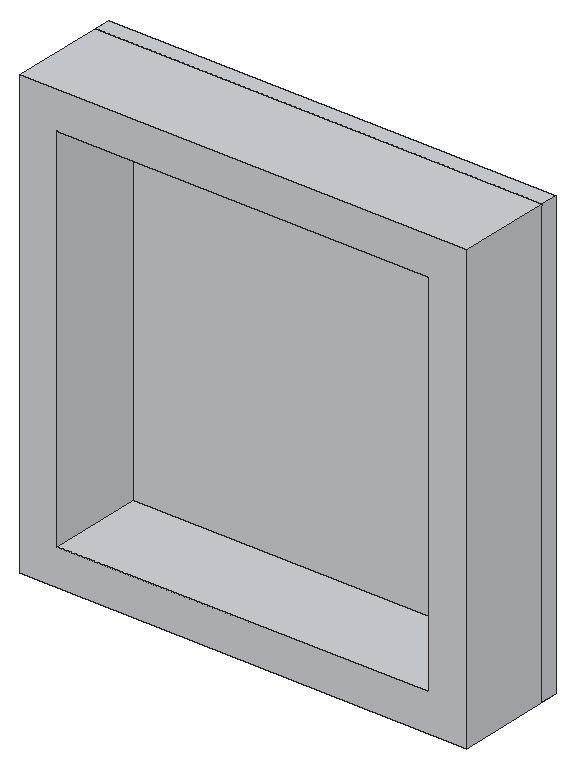
Revit family "QE", category Modelos genéricos, Revit 2026
Family settings
  Pode hospedar o vergalhão = Não
  Cota do conector redondo = Utilizar diâmetro
  Tipo de parte = Normal
  Com base no plano de trabalho = Não
  Sempre na vertical = Sim
  Corte com vazios quando carregada = Não
  Manter orientação da anotação = Não
  Compartilhado = Não
  Ponto de cálculo do ambiente = Não
Parameters
  Elevação padrão = 0 mm
Reference planes
  plane 1 "Centro (Frente/Trás)": y = 0
  plane 2: z = 0
  plane 3 "Centro (Esquerda/Direita)": x = 0
Forms (mm)
  Extrusion 1, solid
    sketch origin (0, 0, 0) x (1, 0, 0) y (0, 0, 1)
      loop
        line (-300, 300) -> (-300, -300) -> (300, -300) -> (300, 300) -> (-300, 300)
      loop
        line (-250, 250) -> (-250, -250) -> (250, -250) -> (250, 250) -> (-250, 250)
    from 0 to 150
  Extrusion 2, solid
    sketch origin (0, 0, 0) x (1, 0, 0) y (0, 0, 1)
      loop
        line (-300, 300) -> (-300, -300) -> (300, -300) -> (300, 300) -> (-300, 300)
    from 0 to 22.594
Dimensions and locks
  aligned and locked: level to plane 2
